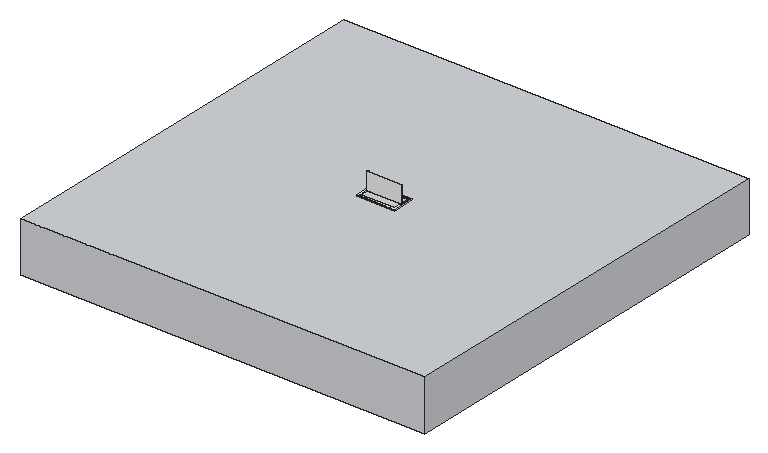
Revit family "Legrand_Emergencia_URA_ONE_EXPORT_EN", category Luminaires, Revit 2020 (continued)
Definition of nested family "661690_E EXCT"
  Lines and regions (mm)
    Filled region 1, type "Vert", in view "Niveau de réf."
      outline origin (0, 0, 0) x (1, 0, 0) y (0, 1, 0)
        loop
          arc (-70.621, 12.066) -> (-70.055, 5.058) -> (-68.909, -1.879) r 84.728
          line (-68.909, -1.879) -> (-64.416, -23.468)
          arc (-64.416, -23.468) -> (-63.636, -25.739) -> (-62.316, -27.744) r 9.575
        loop
          arc (-70.746, -29.091) -> (-68.781, -30.924) -> (-66.561, -32.437) r 17.573
          arc (-66.561, -32.437) -> (-62.992, -34.251) -> (-59.257, -35.689) r 39.054
          line (-59.257, -35.689) -> (-51.077, -35.26) -> (-38.746, -35.26) -> (-38.746, 20.493) -> (-45.636, 25.686) -> (-44.531, 27.599) -> (-36.474, 24.825) -> (-34.381, 22.732) -> (-33.358, 22.642) -> (-32.991, 26.829)
          arc (-32.991, 26.829) -> (-35.249, 28.469) -> (-37.562, 30.03) r 79.427
          arc (-37.562, 30.03) -> (-40.524, 31.705) -> (-43.668, 33.008) r 27.923
          arc (-43.668, 33.008) -> (-44.67, 34.064) -> (-43.867, 35.278) r 1.169
          arc (-43.867, 35.278) -> (-40.581, 36.067) -> (-37.213, 36.332) r 21.533
          arc (-37.213, 36.332) -> (-35.548, 37.996) -> (-37.213, 39.661) r 1.665
          line (-37.213, 39.661) -> (-48.161, 39.661) -> (-56.127, 35.246)
          arc (-56.127, 35.246) -> (-61.145, 35.464) -> (-66.113, 34.722) r 26.252
          arc (-66.113, 34.722) -> (-70.94, 32.264) -> (-74.198, 27.938) r 12.03
          arc (-74.198, 27.938) -> (-76.033, 22.894) -> (-77.148, 17.645) r 38.515
          arc (-77.148, 17.645) -> (-77.47, 10.269) -> (-76.379, 2.967) r 38.515
          line (-76.379, 2.967) -> (-71.13, -18.084)
          arc (-71.13, -18.084) -> (-70.571, -23.574) -> (-70.746, -29.091) r 41.514
Definition of nested family "661691_E RIA"
  Reference planes
    plane 1 "Centre (avant/arrière)": y = 0
    plane 2: z = 0
    plane 3 "Centre (gauche/droite)": x = 0
  Lines and regions (mm)
    Filled region 1, type "Vert", in view "Niveau de réf."
      outline origin (0, 0, 0) x (1, 0, 0) y (0, 1, 0)
        loop
          line (-108.648, 47.5) -> (-108.648, -48.75) -> (-0.002, -48.75) -> (111.426, -48.75) -> (111.426, 47.5) -> (1.749, 47.5) -> (-108.648, 47.5)
        loop
          line (50.594, 38.321) -> (50.594, -4.907) -> (34.705, 8.905) -> (34.705, -11.771) -> (58.213, -36.114) -> (83.39, -11.801) -> (83.39, 10.221) -> (66.786, -4.213) -> (66.786, 38.321) -> (50.594, 38.321)
        loop
          line (-85.51, -42.936) -> (-79.706, -42.936) -> (-79.706, -38.625)
          arc (-79.706, -38.625) -> (-78.357, -37.153) -> (-77.435, -35.382) r 7.648
          line (-77.435, -35.382) -> (-77.005, -34.201) -> (-79.606, -31.6)
          arc (-79.606, -31.6) -> (-77.834, -30.221) -> (-77.145, -28.085) r 3.814
          arc (-77.145, -28.085) -> (-77.88, -25.964) -> (-79.802, -24.804) r 3.3
          line (-79.802, -24.804) -> (-79.802, -16.812)
          arc (-79.802, -16.812) -> (-77.657, -17.606) -> (-75.723, -16.383) r 2.581
          arc (-75.723, -16.383) -> (-73.437, -17.594) -> (-71.151, -16.383) r 2.763
          arc (-71.151, -16.383) -> (-68.831, -17.576) -> (-66.512, -16.383) r 2.851
          arc (-66.512, -16.383) -> (-64.167, -17.455) -> (-61.823, -16.383) r 3.101
          arc (-61.823, -16.383) -> (-59.625, -17.598) -> (-57.279, -16.701) r 2.979
          line (-57.279, -16.701) -> (-56.365, -20.109) -> (-54.556, -20.109) -> (-51.245, -14.137) -> (-51.973, 6.716) -> (-40.232, 6.716)
          arc (-40.232, 6.716) -> (-18.328, 8.993) -> (-39.28, 15.775) r 11.254
          line (-39.28, 15.775) -> (-51.973, 15.775) -> (-51.973, 38.884)
          arc (-51.973, 38.884) -> (-53.504, 41.606) -> (-56.566, 42.221) r 3.743
          line (-56.566, 42.221) -> (-57.732, 37.544)
          arc (-57.732, 37.544) -> (-60.232, 38.995) -> (-62.732, 37.544) r 2.879
          arc (-62.732, 37.544) -> (-65.232, 39.049) -> (-67.732, 37.544) r 2.829
          arc (-67.732, 37.544) -> (-70.385, 39.163) -> (-73.039, 37.544) r 2.984
          arc (-73.039, 37.544) -> (-75.539, 39.012) -> (-78.039, 37.544) r 2.862
          arc (-78.039, 37.544) -> (-80.539, 38.969) -> (-83.039, 37.544) r 2.905
          line (-83.039, 37.544) -> (-83.986, 42.919) -> (-88.393, 39.221) -> (-88.927, 37.231) -> (-88.927, -16.771)
          arc (-88.927, -16.771) -> (-88.292, -17.41) -> (-87.653, -18.044) r 145.367
          arc (-87.653, -18.044) -> (-86.254, -20.185) -> (-85.861, -22.712) r 6.062
          arc (-85.861, -22.712) -> (-86.218, -24.7) -> (-87.034, -26.548) r 8.502
          line (-87.034, -26.548) -> (-87.034, -28.45) -> (-85.51, -31.09) -> (-87.318, -33.673) -> (-87.318, -35.389) -> (-85.51, -38.52) -> (-85.51, -42.936)
        loop
          line (-32.467, 13.509) -> (-32.467, 17.268)
          arc (-32.467, 17.268) -> (-34.749, 15.791) -> (-36.226, 13.509) r 6.494
          line (-36.226, 13.509) -> (-32.467, 13.509)
        loop
          line (-27.304, 13.509) -> (-23.545, 13.509)
          arc (-23.545, 13.509) -> (-25.022, 15.791) -> (-27.304, 17.268) r 6.494
          line (-27.304, 17.268) -> (-27.304, 13.509)
        loop
          line (-32.467, 8.575) -> (-36.226, 8.575)
          arc (-36.226, 8.575) -> (-34.749, 6.293) -> (-32.467, 4.816) r 6.494
          line (-32.467, 4.816) -> (-32.467, 8.575)
        loop
          line (-27.304, 8.575) -> (-27.304, 4.816)
          arc (-27.304, 4.816) -> (-25.022, 6.293) -> (-23.545, 8.575) r 6.494
          line (-23.545, 8.575) -> (-27.304, 8.575)
Types (16, lengths in mm): name | WIRING_SYSTEM | REF_SPARE_BATTERY | MONITORING_EQUIPEMENT | LUMINOUS_FLUX_AT_EMERGENCY_OPERATION | LAMP_POWER | DESCRIPTION | Fichier de distribution photométrique | BATTERY_QUALITY | AUTONOMY | ARTICLE_NUMBER
  URAONE NM 70LM 1H IP42 STD | "Standby switching" | "660972" | "None" | "70" | "7" | "URAONE NM 70LM 1H IP42 STD" | "661620.ies" | "NiCd" | "1" | 661620
  URAONE NM 100LM 1H IP42 STD | "Standby switching" | "660972" | "None" | "100" | "10" | "URAONE NM 100LM 1H IP42 STD" | "661621.ies" | "NiCd" | "1" | 661621
  URAONE NM 160LM 1H IP42 STD | "Standby switching" | "660972" | "None" | "160" | "16" | "URAONE NM 160LM 1H IP42 STD" | "661622.ies" | "NiCd" | "1" | 661622
  URA ONE NM 200LM 1H IP42 STD | "Standby switching" | "660972" | "None" | "200" | "20" | "URA ONE NM 200LM 1H IP42 STD" | "661623.ies" | "NiCd" | "1" | 661623
  URA ONE NM 350LM 1H IP42 STD | "Standby switching" | "660962" | "None" | "350" | "35" | "URA ONE NM 350LM 1H IP42 STD" | "661624.ies" | "NiCd" | "1" | 661624
  URAONE M-NM 100LM 1H IP42 STD | "Continuous circuit/emergency cicuit" | "660972" | "None" | "100" | "10" | "URAONE M-NM 100LM 1H IP42 STD" | "661631.ies" | "NiCd" | "1" | 661631
  URAONE M-NM 160LM 1H IP42 STD | "Continuous circuit/emergency cicuit" | "660972" | "None" | "160" | "16" | "URAONE M-NM 160LM 1H IP42 STD" | "661632.ies" | "NiCd" | "1" | 661632
  URAONE M-NM 200LM 1H IP42 STD | "Continuous circuit/emergency cicuit" | "660962" | "None" | "200" | "20" | "URAONE M-NM 200LM 1H IP42 STD" | "661633.ies" | "NiCd" | "1" | 661633
  URAONE M-NM 350LM 1H IP42 STD | "Continuous circuit/emergency cicuit" | "660962" | "None" | "350" | "35" | "URAONE M-NM 350LM 1H IP42 STD" | "661634.ies" | "NiCd" | "1" | 661634
  URAONE M-NM 100LM 3H IP42 STD | "Continuous circuit/emergency cicuit" | "660971" | "None" | "100" | "10" | "URAONE M-NM 100LM 3H IP42 STD" | "661640.ies" | "NiMh" | "3" | 661640
  URAONE M-NM 200LM 2H IP42 STD | "Continuous circuit/emergency cicuit" | "660971" | "None" | "200" | "20" | "URAONE M-NM 200LM 2H IP42 STD" | "661642.ies" | "NiMh" | "2" | 661642
  URAONE M-NM 100LM 1H IP42 ADR | "Continuous circuit/emergency cicuit" | "660972" | "Automatic self test" | "100" | "10" | "URAONE M-NM 100LM 1H IP42 ADR" | "662631.ies" | "NiCd" | "1" | 662631
  URAONE M-NM 200LM 1H IP42 ADR | "Continuous circuit/emergency cicuit" | "660962" | "Automatic self test" | "200" | "20" | "URAONE M-NM 200LM 1H IP42 ADR" | "662633.ies" | "NiCd" | "1" | 662633
  URAONE M-NM 350LM 1H IP42 ADR | "Continuous circuit/emergency cicuit" | "660971" | "Automatic self test" | "350" | "35" | "URAONE M-NM 350LM 1H IP42 ADR" | "662634.ies" | "NiMh" | "1" | 662634
  URAONE M-NM 100LM 3H IP42 ADR | "Continuous circuit/emergency cicuit" | "660971" | "Automatic self test" | "100" | "10" | "URAONE M-NM 100LM 3H IP42 ADR" | "662640.ies" | "NiMh" | "3" | 662640
  URAONE M-NM 200LM 2H IP42 ADR | "Continuous circuit/emergency cicuit" | "660971" | "Automatic self test" | "200" | "20" | "URAONE M-NM 200LM 2H IP42 ADR" | "662642.ies" | "NiMh" | "2" | 662642
